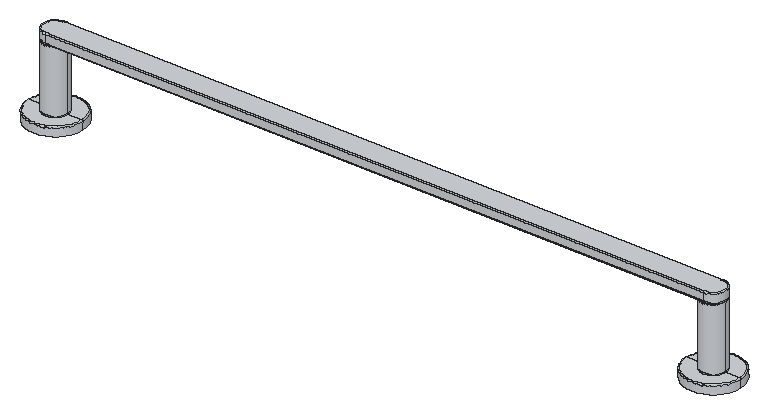
Revit family "Accessory-Towel_Bar-KOHLER-Composed-K-73142", category Specialty Equipment, host Face, Revit 2015
Parameters (values of type "CP-Polished Chrome")
  Width = 3"  # constant formula
  URL = "https://www.us.kohler.com/us/"
  Type = 1
  Product Page URL = "http://www.us.kohler.com/us/catalog/productDetails.jsp?productNumber=73142"
  Product Name = "Composed"  # constant formula
  Product Documentation Link = "http://www.us.kohler.com/onlinecatalog/pdf/K-73142_spec.pdf"
  Model = if(Type = 1, "K-73142-CP", if(Type = 2, "K-73142-TT", "NA"))  # "K-73142-CP"
  Material = "Premium Metal Construction"  # constant formula
  MasterFormat 2004 = "10.28.13"  # constant formula
  MasterFormat 1995 = "10820"  # constant formula
  Manufacturer Address = "444 Highland Dr, Kohler, WI 53044"  # constant formula
  Manufacturer = "KOHLER Co."  # constant formula
  Length = 24"  # constant formula
  Height = 2"  # constant formula
  Finish = Kohler-Metal-CP-Polished_Chrome
  Environmental Product Declaration = ""
  Description = "24inch towel bar"  # constant formula
  Default Elevation = 42"
  Declare Label = ""
  Date Modified = "09/19/2018"  # constant formula
  Date Created = "09/19/2018"  # constant formula
  Copyright = "Copyright KOHLER Co."  # constant formula
  Contact Us = "https://www.us.kohler.com/us/static/contact.jsp"
  Assembly Code = "C1030200"
  ADA Compliant = 1 = 0  # no
Types (3): name | Type | Model | Finish
  (no name) | 1 | "K-73142-CP" | Kohler-Metal-CP-Polished_Chrome
  CP-Polished Chrome | 1 | "K-73142-CP" | Kohler-Metal-CP-Polished_Chrome
  TT-Vibrant Titanium | 2 | "K-73142-TT" | Kohler-Metal-TT-Vibrant_Titanium
Reference planes (in)
  plane 1 "Center (Front/Back)": y = 0
  plane 2: z = 0
  plane 3 "Center (Left/Right)": x = 0
  plane 4: y = 1
  plane 5: y = -1
  plane 6: z = 3
  plane 7: x = -12
  plane 8: x = 12
Dimensions and locks (in)
  "Height": plane 5 to plane 4
  "Width": plane 6 to plane 2
  "Length": plane 7 to plane 8
  equal spacing: plane 7, plane 3 "Center (Left/Right)", plane 8
  aligned and locked: plane 2 to host face
  aligned and locked: level to host face
Automatic sketch dimensions
  host sketch curve to host sketch curve = 96"  (x2)
Nested families (in)
  nested 1: "K-73142" at (0, 0, 0), type "K-73142"
Definition of nested family "K-73142"
  Parameters (values of type "K-73142")
    Material = none
    Length = 24"
  Reference planes (in)
    plane 1 "Center (Front/Back)": y = 0
    plane 2: z = 0
    plane 3 "Center (Left/Right)": x = 0
    plane 4: x = -12
    plane 5: x = 12
    plane 6: y = 1
    plane 7: z = 3
    plane 8: y = -1
  Forms (in)
    Revolve 1, solid, material <- "Material", detail levels medium+fine
      sketch origin (0, 0, 0) x (1, 0, 0) y (0, 0, 1)
        loop
          line (-13, 0) -> (-12, 0) -> (-12, 2.64976) -> (-12.41873, 2.64976)
          arc (-12.41873, 2.64976) -> (-12.4414, 2.64037) -> (-12.45079, 2.6177) r 0.03206
          line (-12.45079, 2.6177) -> (-12.45079, 0.3466)
          arc (-12.45079, 0.3466) -> (-12.44152, 0.32423) -> (-12.41915, 0.31496) r 0.03164
          line (-12.41915, 0.31496) -> (-12.96861, 0.31496)
          arc (-12.96861, 0.31496) -> (-12.99081, 0.30577) -> (-13, 0.28357) r 0.03139
          line (-13, 0.28357) -> (-13, 0)
        axis (-12, 2.64976) -> (-12, 0)
      angle from 0 to 360
    Revolve 2, solid, material <- "Material", detail levels medium+fine
      sketch origin (0, 0, 0) x (-1, 0, 0) y (0, 0, 1)
        loop
          line (-13, 0) -> (-12, 0) -> (-12, 2.64976) -> (-12.41873, 2.64976)
          arc (-12.41873, 2.64976) -> (-12.4414, 2.64037) -> (-12.45079, 2.6177) r 0.03206
          line (-12.45079, 2.6177) -> (-12.45079, 0.3466)
          arc (-12.45079, 0.3466) -> (-12.44152, 0.32423) -> (-12.41915, 0.31496) r 0.03164
          line (-12.41915, 0.31496) -> (-12.96861, 0.31496)
          arc (-12.96861, 0.31496) -> (-12.99081, 0.30577) -> (-13, 0.28357) r 0.03139
          line (-13, 0.28357) -> (-13, 0)
        axis (-12, 2.64976) -> (-12, 0)
      angle from 0 to 360
    Sweep 3, solid, material <- "Material", detail levels medium+fine
      path origin (0, 0, 0) x (1, 0, 0) y (0, 1, 0)
        loop
          line (12, 0.45079) -> (-12, 0.45079)
          arc (-12, 0.45079) -> (-12.45079, 0) -> (-12, -0.45079) r 0.45079
          line (-12, -0.45079) -> (12, -0.45079)
          arc (12, -0.45079) -> (12.45079, 0) -> (12, 0.45079) r 0.45079
      profile origin (0, 0.45079, 0) x (0, -1, 0) y (0, 0, 1)
        loop
          line (0.06353, 2.64976) -> (0.06353, 3.00015) -> (0.03174, 3.00015)
          arc (0.03174, 3.00015) -> (0.00929, 2.99086) -> (0, 2.96842) r 0.03174
          line (0, 2.96842) -> (0, 2.68187)
          arc (0, 2.68187) -> (0.0094, 2.65916) -> (0.03211, 2.64976) r 0.03211
          line (0.03211, 2.64976) -> (0.06353, 2.64976)
    Extrusion 4, solid, material <- "Material", detail levels medium+fine
      sketch origin (0, 0, 0) x (1, 0, 0) y (0, 1, 0)
        loop
          arc (-12, 0.38726) -> (-12.38726, 0) -> (-12, -0.38726) r 0.38726
          line (-12, -0.38726) -> (12, -0.38726)
          arc (12, -0.38726) -> (12.38726, 0) -> (12, 0.38726) r 0.38726
          line (12, 0.38726) -> (-12, 0.38726)
      from 2.64976 to 3.00015
    Revolve 5, solid, material <- "Material", detail levels coarse
      sketch origin (0, 0, 0) x (1, 0, 0) y (0, 0, 1)
        loop
          line (-13, 0) -> (-12, 0) -> (-12, 3) -> (-12.45079, 3) -> (-12.45079, 0.31496) -> (-13, 0.31496) -> (-13, 0)
        axis (-12, 3) -> (-12, 0)
      angle from 0 to 360
    Revolve 6, solid, material <- "Material", detail levels coarse
      sketch origin (0, 0, 0) x (-1, 0, 0) y (0, 0, 1)
        loop
          line (-13, 0) -> (-12, 0) -> (-12, 2.65123) -> (-12.45079, 2.65123) -> (-12.45079, 0.31496) -> (-13, 0.31496) -> (-13, 0)
        axis (-12, 2.65123) -> (-12, 0)
      angle from 0 to 360
    Extrusion 7, solid, material <- "Material", detail levels coarse
      sketch origin (0, 0, 0) x (1, 0, 0) y (0, 1, 0)
        loop
          line (-11.99839, -0.45079) -> (12.00161, -0.45079)
          arc (12.00161, -0.45079) -> (12.45079, 0.0008) -> (12, 0.45079) r 0.45079
          line (12, 0.45079) -> (-12, 0.45079)
          arc (-12, 0.45079) -> (-12.45079, -0.0008) -> (-11.99839, -0.45079) r 0.45079
      from 2.65123 to 3
  Cuts and joins
    joined: Sweep 3, Extrusion 4
    joined: Revolve 1, Revolve 2
    joined: Revolve 5, Extrusion 7
  Lines and regions (in)
    Masking region 1
      outline origin (0, 0, 0) x (1, 0, 0) y (0, 0, 1)
        loop
          line (-13, 0) -> (-11, 0) -> (-11, 0.28357)
          arc (-11, 0.28357) -> (-11.00919, 0.30577) -> (-11.03139, 0.31496) r 0.03139
          line (-11.03139, 0.31496) -> (-11.58085, 0.31496)
          arc (-11.58085, 0.31496) -> (-11.55848, 0.32423) -> (-11.54921, 0.3466) r 0.03164
          line (-11.54921, 0.3466) -> (-11.54921, 2.6177)
          arc (-11.54921, 2.6177) -> (-11.5586, 2.64037) -> (-11.58127, 2.64976) r 0.03206
          line (-11.58127, 2.64976) -> (11.58127, 2.64976)
          arc (11.58127, 2.64976) -> (11.5586, 2.64037) -> (11.54921, 2.6177) r 0.03206
          line (11.54921, 2.6177) -> (11.54921, 0.3466)
          arc (11.54921, 0.3466) -> (11.55848, 0.32423) -> (11.58085, 0.31496) r 0.03164
          line (11.58085, 0.31496) -> (11.03139, 0.31496)
          arc (11.03139, 0.31496) -> (11.00919, 0.30577) -> (11, 0.28357) r 0.03139
          line (11, 0.28357) -> (11, 0) -> (13, 0) -> (13, 0.28357)
          arc (13, 0.28357) -> (12.99081, 0.30577) -> (12.96861, 0.31496) r 0.03139
          line (12.96861, 0.31496) -> (12.41915, 0.31496)
          arc (12.41915, 0.31496) -> (12.44152, 0.32423) -> (12.45079, 0.3466) r 0.03164
          line (12.45079, 0.3466) -> (12.45079, 2.6177)
          arc (12.45079, 2.6177) -> (12.4414, 2.64037) -> (12.41873, 2.64976) r 0.03206
          arc (12.41873, 2.64976) -> (12.4414, 2.65915) -> (12.45079, 2.68182) r 0.03206
          line (12.45079, 2.68182) -> (12.45079, 2.96772)
          arc (12.45079, 2.96772) -> (12.44134, 2.99055) -> (12.41851, 3) r 0.03228
          line (12.41851, 3) -> (-12.41851, 3)
          arc (-12.41851, 3) -> (-12.44134, 2.99055) -> (-12.45079, 2.96772) r 0.03228
          line (-12.45079, 2.96772) -> (-12.45079, 2.68182)
          arc (-12.45079, 2.68182) -> (-12.4414, 2.65915) -> (-12.41873, 2.64976) r 0.03206
          arc (-12.41873, 2.64976) -> (-12.4414, 2.64037) -> (-12.45079, 2.6177) r 0.03206
          line (-12.45079, 2.6177) -> (-12.45079, 0.3466)
          arc (-12.45079, 0.3466) -> (-12.44152, 0.32423) -> (-12.41915, 0.31496) r 0.03164
          line (-12.41915, 0.31496) -> (-12.96861, 0.31496)
          arc (-12.96861, 0.31496) -> (-12.99081, 0.30577) -> (-13, 0.28357) r 0.03139
          line (-13, 0.28357) -> (-13, 0)
    Masking region 2
      outline origin (0, 0, 0) x (0, 1, 0) y (0, 0, 1)
        loop
          line (1, 0) -> (1, 0.28357)
          arc (1, 0.28357) -> (0.99081, 0.30577) -> (0.96861, 0.31496) r 0.03139
          line (0.96861, 0.31496) -> (0.41915, 0.31496)
          arc (0.41915, 0.31496) -> (0.44152, 0.32423) -> (0.45079, 0.3466) r 0.03164
          line (0.45079, 0.3466) -> (0.45079, 2.6177)
          arc (0.45079, 2.6177) -> (0.4414, 2.64037) -> (0.41873, 2.64976) r 0.03206
          arc (0.41873, 2.64976) -> (0.4414, 2.65915) -> (0.45079, 2.68182) r 0.03206
          line (0.45079, 2.68182) -> (0.45079, 2.96772)
          arc (0.45079, 2.96772) -> (0.44134, 2.99055) -> (0.41851, 3) r 0.03228
          line (0.41851, 3) -> (-0.41851, 3)
          arc (-0.41851, 3) -> (-0.44134, 2.99055) -> (-0.45079, 2.96772) r 0.03228
          line (-0.45079, 2.96772) -> (-0.45079, 2.68182)
          arc (-0.45079, 2.68182) -> (-0.4414, 2.65915) -> (-0.41873, 2.64976) r 0.03206
          arc (-0.41873, 2.64976) -> (-0.4414, 2.64037) -> (-0.45079, 2.6177) r 0.03206
          line (-0.45079, 2.6177) -> (-0.45079, 0.3466)
          arc (-0.45079, 0.3466) -> (-0.44152, 0.32423) -> (-0.41915, 0.31496) r 0.03164
          line (-0.41915, 0.31496) -> (-0.96861, 0.31496)
          arc (-0.96861, 0.31496) -> (-0.99081, 0.30577) -> (-1, 0.28357) r 0.03139
          line (-1, 0.28357) -> (-1, 0) -> (1, 0)
    Masking region 3
      outline origin (0, 0, 0) x (1, 0, 0) y (0, 1, 0)
        loop
          line (11.10737, 0.45079) -> (-11.10737, 0.45079)
          arc (-11.10737, 0.45079) -> (-13, 0) -> (-11.10737, -0.45079) r 1
          line (-11.10737, -0.45079) -> (11.10737, -0.45079)
          arc (11.10737, -0.45079) -> (13, 0) -> (11.10737, 0.45079) r 1
    symbolic lines, detail levels medium+fine
      curve 1: line (-12.41915, 0, 0.31496) -> (-11.58085, 0, 0.31496)
      curve 2: line (-12.41873, 0, 2.64976) -> (-11.58127, 0, 2.64976)
      curve 3: line (12.41873, 0, 2.64976) -> (11.58127, 0, 2.64976)
      curve 4: line (12.41915, 0, 0.31496) -> (11.58085, 0, 0.31496)
      curve 5: line (-11, 0, 2.64976) -> (-11, 0, 3)
      curve 6: line (11, 0, 3) -> (11, 0, 2.64976)
      curve 7: line (0, 0.41873, 2.64976) -> (0, -0.41873, 2.64976)
      curve 8: line (0, 0.41915, 0.31496) -> (0, -0.41915, 0.31496)
      curve 9: line (-11.10737, 0.45079, 0) -> (-12, 0.45079, 0)
      curve 10: line (-11.10737, -0.45079, 0) -> (-12, -0.45079, 0)
      curve 11: arc (-12, 0.45079, 0) -> (-12.45079, 0, 0) -> (-12, -0.45079, 0) r 0.45079
      curve 12: line (11.10737, 0.45079, 0) -> (12, 0.45079, 0)
      curve 13: line (11.10737, -0.45079, 0) -> (12, -0.45079, 0)
      curve 14: arc (12, 0.45079, 0) -> (12.45079, 0, 0) -> (12, -0.45079, 0) r 0.45079
      curve 15: line (-10.89226, 0.45079, 0) -> (-10.89226, -0.45079, 0)
      curve 16: line (10.89226, 0.45079, 0) -> (10.89226, -0.45079, 0)
  Dimensions and locks (in)
    equal spacing: plane 4, plane 3 "Center (Left/Right)", plane 5
    "Length": plane 4 to plane 5
    plane 7 to level = 3"
    plane 7 to plane 2 = 3"
    locked: plane 4 to curve 5 at 1
    locked: plane 5 to curve 6 at 1
    aligned and locked: plane 2 to level
    aligned and locked: Revolve 1 sketch curve to plane 4
    aligned and locked: plane 4 to Revolve 1 sketch curve
    aligned and locked: plane 5 to Revolve 2 sketch curve
    aligned and locked: Revolve 2 sketch curve to plane 5
    aligned and locked: plane 5 to Sweep 3 sketch curve
    aligned and locked: plane 4 to Sweep 3 sketch curve
    aligned and locked: Extrusion 4 sketch curve to Sweep 3  (x2)
    aligned and locked: Sweep 3 to Extrusion 4  (x2)
    aligned and locked: Masking region 1 sketch curve to plane 7
    aligned and locked: Masking region 1 sketch curve to Masking region 1 sketch curve  (x2)
    aligned and locked: curve 1 to cut or joined group of Revolve 1, Revolve 2
    aligned and locked: cut or joined group of Revolve 1, Revolve 2 to curve 1
    aligned and locked: curve 2 to Masking region 1  (x2)
    aligned and locked: curve 3 to Masking region 1  (x2)
    aligned and locked: curve 4 to cut or joined group of Revolve 1, Revolve 2
    aligned and locked: cut or joined group of Revolve 1, Revolve 2 to curve 4
    aligned and locked: Masking region 2 sketch curve to Masking region 2 sketch curve
    aligned and locked: plane 5 to Masking region 3 sketch curve
    aligned and locked: curve 9 to Masking region 3
    aligned and locked: plane 4 to curve 9
    aligned and locked: curve 10 to Masking region 3
    aligned and locked: plane 4 to curve 10
    aligned and locked: curve 12 to Masking region 3
    aligned and locked: plane 5 to curve 12
    aligned and locked: curve 13 to Masking region 3
    aligned and locked: plane 5 to curve 13
    aligned and locked: Revolve 5 sketch curve to plane 4
    aligned and locked: plane 4 to Revolve 5 sketch curve
    aligned and locked: plane 5 to Revolve 6 sketch curve
    aligned and locked: Revolve 6 sketch curve to plane 5
    aligned and locked: Extrusion 7 sketch curve to Revolve 5
    aligned and locked: Extrusion 7 sketch curve to Revolve 6
  Automatic sketch dimensions
    plane 1 "Center (Front/Back)" to curve 14 = 0"
    plane 1 "Center (Front/Back)" to curve 11 = 0"
    plane 1 "Center (Front/Back)" to curve 13 = 0.45079"
    plane 1 "Center (Front/Back)" to curve 10 = 0.45079"
    curve 10 to curve 15 = 0.21511"
    curve 16 to curve 13 = 0.21511"
    curve 16 to curve 13 = 0"
    curve 10 to curve 15 = 0"
    curve 9 to curve 15 = 0"
    curve 16 to curve 12 = 0"
    plane 1 "Center (Front/Back)" to curve 8 = 0.41915"
    level to curve 8 = 0.31496"
    plane 1 "Center (Front/Back)" to curve 7 = 0.41873"
    curve 7 to plane 1 "Center (Front/Back)" = 0.41873"
    curve 8 to plane 1 "Center (Front/Back)" = 0.41915"
    curve 7 to plane 7 = 0.35024"
    curve 6 to plane 7 = 0"
    curve 5 to plane 7 = 0"
    curve 2 to plane 4 = 0.41873"
    curve 1 to plane 4 = 0.41915"
    curve 4 to plane 5 = 0.41915"
    curve 3 to plane 5 = 0.41873"
    curve 5 to plane 7 = 0.35024"
    curve 6 to plane 7 = 0.35024"
    Revolve 1 sketch curve to level = 0"  (x2)
    Revolve 1 sketch curve to Revolve 1 sketch curve = 0.41873"
    plane 4 to Revolve 1 sketch curve = 0.41915"
    Revolve 1 sketch curve to Revolve 1 sketch curve = 0.03206"
    Revolve 1 sketch curve to Revolve 1 sketch curve = 0.51782"
    Revolve 1 sketch curve to Revolve 1 sketch curve = 0.03139"
    level to Revolve 1 sketch curve = 0.28357"
    Revolve 1 sketch curve to plane 7 = 0.3823"
    Revolve 1 sketch curve to Revolve 1 sketch curve = 0.35774"
    Revolve 2 sketch curve to level = 0"  (x2)
    Revolve 2 sketch curve to plane 5 = 0.41873"
    Revolve 2 sketch curve to plane 5 = 0.41915"
    Revolve 2 sketch curve to Revolve 2 sketch curve = 0.03206"
    Revolve 2 sketch curve to Revolve 2 sketch curve = 0.51782"
    Revolve 2 sketch curve to Revolve 2 sketch curve = 0.03139"
    Revolve 2 sketch curve to Revolve 2 sketch curve = 0.28357"
    plane 7 to Revolve 2 sketch curve = 0.3823"
    level to Revolve 2 sketch curve = 0.35774"
    plane 1 "Center (Front/Back)" to Sweep 3 sketch curve = 0"
    plane 1 "Center (Front/Back)" to Sweep 3 sketch curve = 0.45079"
    Sweep 3 sketch curve to profile plane = 0"
    Sweep 3 sketch curve to profile plane = 0.03174"
    Sweep 3 sketch curve to profile plane = 0.03211"
    Sweep 3 sketch curve to Sweep 3 sketch curve = 0.03179"
    level to Sweep 3 sketch curve = 2.64976"
    Sweep 3 sketch curve to Sweep 3 sketch curve = 0.28655"
    Masking region 1 sketch curve to level = 0"  (x2)
    plane 4 to Masking region 1 sketch curve = 1"
    Masking region 1 sketch curve to Masking region 1 sketch curve = 0.03139"  (x4)
    plane 4 to Masking region 1 sketch curve = 0.45079"
    Masking region 1 sketch curve to Masking region 1 sketch curve = 0"
    Masking region 1 sketch curve to Masking region 1 sketch curve = 0.03164"  (x3)
    Masking region 1 sketch curve to Masking region 1 sketch curve = 0.03206"  (x6)
    Masking region 1 sketch curve to Masking region 1 sketch curve = 0.03228"
    Masking region 1 sketch curve to plane 4 = 0.41873"
    Masking region 1 sketch curve to plane 4 = 0.41915"
    level to Masking region 1 sketch curve = 0.28357"  (x4)
    Masking region 1 sketch curve to Masking region 1 sketch curve = 0.51782"  (x2)
    Masking region 1 sketch curve to plane 5 = 1"
    Masking region 1 sketch curve to plane 5 = 0.45079"
    plane 5 to Masking region 1 sketch curve = 0.41851"
    Masking region 1 sketch curve to Masking region 1 sketch curve = 0.00022"
    plane 5 to Masking region 1 sketch curve = 0.41915"
    Masking region 1 sketch curve to plane 7 = 0.3823"
    Masking region 1 sketch curve to Masking region 1 sketch curve = 0.35002"  (x2)
    Masking region 2 sketch curve to level = 0"
    Masking region 2 sketch curve to plane 8 = 0"
    Masking region 2 sketch curve to plane 7 = 0"
    Masking region 2 sketch curve to plane 6 = 0"
    Masking region 2 sketch curve to plane 8 = 0.03139"
    Masking region 2 sketch curve to plane 7 = 0.03228"  (x2)
    plane 1 "Center (Front/Back)" to Masking region 2 sketch curve = 0.45079"
    Masking region 2 sketch curve to Masking region 2 sketch curve = 0"  (x2)
    Masking region 2 sketch curve to Masking region 2 sketch curve = 0.03164"  (x2)
    Masking region 2 sketch curve to Masking region 2 sketch curve = 0.03206"  (x3)
    Masking region 2 sketch curve to plane 1 "Center (Front/Back)" = 0.41851"
    Masking region 2 sketch curve to Masking region 2 sketch curve = 0.00022"
    Masking region 2 sketch curve to plane 1 "Center (Front/Back)" = 0.41915"
    Masking region 2 sketch curve to plane 6 = 0.03139"
    level to Masking region 2 sketch curve = 0.28357"  (x2)
    Masking region 2 sketch curve to Masking region 2 sketch curve = 0.35002"  (x2)
    plane 1 "Center (Front/Back)" to Masking region 3 sketch curve = 0"  (x2)
    Masking region 3 sketch curve to plane 4 = 0"
    Masking region 3 sketch curve to plane 4 = 0.89263"  (x2)
    Masking region 3 sketch curve to plane 1 "Center (Front/Back)" = 0.45079"
    Masking region 3 sketch curve to plane 5 = 0.89263"
    Revolve 5 sketch curve to level = 0"  (x2)
    Revolve 5 sketch curve to plane 7 = 0"
    plane 4 to Revolve 5 sketch curve = 0.45079"
    Revolve 5 sketch curve to Revolve 5 sketch curve = 0.54921"
    Revolve 5 sketch curve to Revolve 5 sketch curve = 0.31496"
    Revolve 5 sketch curve to Revolve 5 sketch curve = 0.3666"
    Revolve 6 sketch curve to level = 0"  (x2)
    plane 7 to Revolve 6 sketch curve = 0.34877"
    Revolve 6 sketch curve to plane 5 = 0.45079"
    Revolve 6 sketch curve to Revolve 6 sketch curve = 0.54921"
    Revolve 6 sketch curve to level = 0.31496"
    Revolve 6 sketch curve to Revolve 6 sketch curve = 0.3666"
    plane 5 to Extrusion 7 sketch curve = 0.00161"
